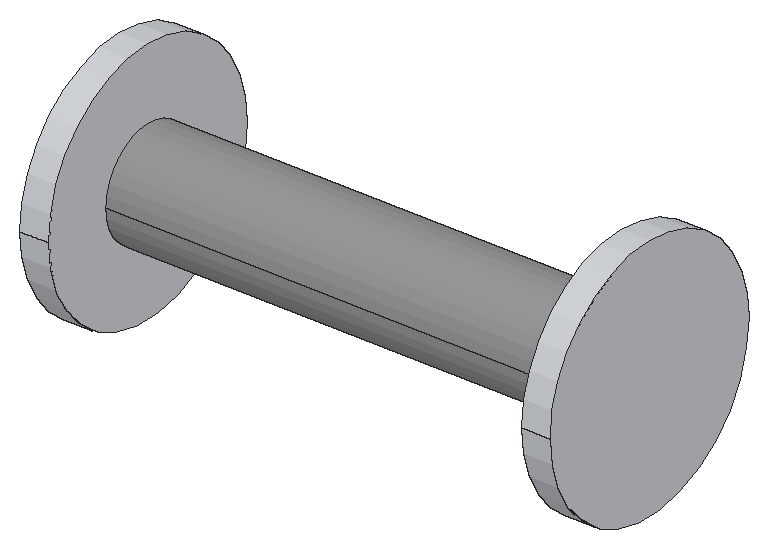
Revit family "ライナーフレックス", category Pipe Accessories, Revit 2024
Family settings
  Round Connector Dimension = Use Diameter
  Part Type = Inline Sensor
  Work Plane-Based = No
  Always vertical = Yes
  Cut with Voids When Loaded = No
  Shared = No
Parameters
  Thickness [instance] = size_lookup("ライナーフレックス", "Thickness", 20 mm, DN)  # 16 mm
  L [instance] = size_lookup("ライナーフレックス", "L", 20 mm, DN)  # 300 mm
  Default Elevation = 0 mm
  DN_Pipe [instance] = size_lookup("ライナーフレックス", "DN_Pipe", 20 mm, DN)  # 40 mm
  DN_2 [instance] = size_lookup("ライナーフレックス", "DN_2", 20 mm, DN)  # 140 mm
  DN [instance] = 40 mm
  DN_1 [instance] = size_lookup("ライナーフレックス", "DN_1", 20 mm, DN)  # 60 mm
Reference planes
  plane 1 "Center (Front/Back)": y = 0
  plane 2: z = 0
  plane 3 "Center (Left/Right)": x = 0
  plane 4: x = 150
  plane 5: x = -150
Forms (mm)
  Extrusion 1, solid
    sketch origin (0, 0, 0) x (0, 1, 0) y (0, 0, 1)
      loop
        circle (0, 0) r 70
    from 134 to 150
  Extrusion 2, solid
    sketch origin (0, 0, 0) x (0, 1, 0) y (0, 0, 1)
      loop
        circle (0, 0) r 70
    from -134 to -150
  Extrusion 3, solid, material "TOZEN"
    sketch origin (0, 0, 0) x (0, 1, 0) y (0, 0, 1)
      loop
        circle (0, 0) r 30
    from -134 to 134
Dimensions and locks
  equal spacing: plane 5, plane 3 "Center (Left/Right)", plane 4
  equal spacing: Extrusion 2, plane 3 "Center (Left/Right)", Extrusion 1
  "L": Extrusion 2 to Extrusion 1
  "Thickness": Extrusion 2 to Extrusion 2
  "Thickness": Extrusion 1 to Extrusion 1
  "DN_1": diameter of Extrusion 3 sketch curve
  "DN_2": diameter of Extrusion 2 sketch curve
  "DN_2": diameter of Extrusion 1 sketch curve
  aligned and locked: level to plane 2
  aligned and locked: plane 4 to Extrusion 1
  aligned and locked: plane 5 to Extrusion 2
  aligned and locked: Extrusion 3 to Extrusion 2
  aligned and locked: Extrusion 3 to Extrusion 1
Automatic sketch dimensions
  Extrusion 1 sketch curve to level = 0 mm
  Extrusion 1 sketch curve to plane 1 "Center (Front/Back)" = 0 mm
  Extrusion 2 sketch curve to level = 0 mm
  Extrusion 2 sketch curve to plane 1 "Center (Front/Back)" = 0 mm
  Extrusion 3 sketch curve to level = 0 mm
  Extrusion 3 sketch curve to plane 1 "Center (Front/Back)" = 0 mm
Connectors
  piping at (-150, 0, 0), diameter 40, driven by "DN"
    settings: on Extrusion 2, index 1, connector inside diameter 609.6 mm, connector length 0 mm, flow factor 0, pipe flow 0.0 L/s, pressure drop 0.0 Pa, fitting loss kfactor 0, connector angle 0.00°, fixture units 0, engagement length 0 mm, angle of deflection 0.00°, flow configuration 0, flow direction 0, fitting loss method 0, system type 7, joint type 0, gender type 0, connector reference index -1, connector utility 0, adjustable connector no, is connector primary yes, connector description ""
  piping at (150, 0, 0), diameter 40, driven by "DN"
    settings: on Extrusion 1, index 2, connector inside diameter 609.6 mm, connector length 0 mm, flow factor 0, pipe flow 0.0 L/s, pressure drop 0.0 Pa, fitting loss kfactor 0, connector angle 0.00°, fixture units 0, engagement length 0 mm, angle of deflection 0.00°, flow configuration 0, flow direction 0, fitting loss method 0, system type 7, joint type 0, gender type 0, connector reference index -1, connector utility 0, adjustable connector no, is connector primary no, connector description ""
